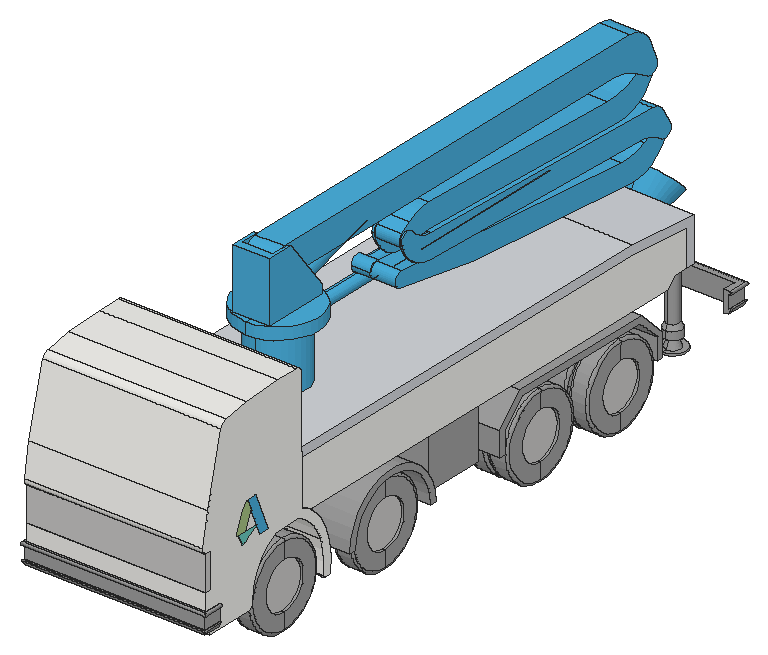
Revit family "CONCRETE BOOM PUMP TRUCK-5-2 2020", category Entourage, Revit 2020
Family settings
  Work Plane-Based = Yes
  Always vertical = No
  Cut with Voids When Loaded = No
  Render Appearance Source = Family Geometry
  Shared = No
  Room Calculation Point = No
Parameters (values of type "Typ1")
  Default Elevation = 0 mm  # constant formula
  URL = "www.autodesk.de/BIM"
  Type Comments = "Baustellenfahrzeug"
  Reichweite anzeigen [instance] = yes
  Reichweite [instance] = 10000 mm
  Height = 0 mm
  Fahrzeugverglasung = Glas - Sicherheitsverglasung
  Reifen = Kunststoff - grau 50-50-50
  Betonpumpe geöffnet [instance] = not(Betonpumpe geschlossen)  # no
  Betonpumpe geschlossen [instance] = yes
  Betonpumpe = Autodesk Sky Blue 6-150-215
  Radkappe = Metall - Edelstahl satiniert
  Stoßstange = Lack - grau
  Karosserie = Lack - grau
  Aufbau = Lack - weiß 241-240-234
Reference planes
  plane 1 "Mitte (Vorne/hinten)": y = 0
  plane 2: z = 0
  plane 3 "Mitte (links/rechts)": x = 0
  plane 4: y = 4462.06
  plane 5: y = -4557.94
  plane 6: z = 3846.735
  plane 7: x = -1247.337
  plane 8: x = 1247.337
  plane 9 "1": x = -924.044
  plane 10 "2": x = 923
  plane 11 "Rohr 1": x = -500
  plane 12 "Anschluss": through (0, 4836.174, 1106.112) normal (0, 0.7071, 0.7071)
  plane 13 "Anschluss 2": z = 2218.346
Forms (mm)
  Extrusion 1, solid, material "Lack - weiß 241-240-234" <- "Aufbau"
    sketch origin (0, 10.449, 0) x (0, 1, 0) y (0, 0, 1)
      loop
        line (-4256.231, 2957.347) -> (-4489.565, 2067.428) -> (-4564.949, 1645.933)
        arc (-4564.949, 1645.933) -> (-4555.769, 1593.497) -> (-4514.949, 1559.33) r 77.561
        line (-4514.949, 1559.33) -> (-4442.422, 1559.33) -> (-4442.422, 1099.33) -> (-4522.422, 1099.33) -> (-4522.422, 594.819) -> (-4442.422, 594.819) -> (-4442.422, 550.622) -> (-3786.827, 550.622)
        arc (-3786.827, 550.622) -> (-3752.688, 587.061) -> (-3740.086, 635.377) r 101.369
        arc (-3740.086, 635.377) -> (-3629.223, 1022.488) -> (-3343.099, 1305.824) r 796.084
        arc (-3343.099, 1305.824) -> (-3148.06, 1316.763) -> (-2952.894, 1308.393) r 1976.143
        arc (-2952.894, 1308.393) -> (-2728.262, 1140.348) -> (-2586.003, 898.561) r 711.834
        arc (-2586.003, 898.561) -> (-2534.054, 667.996) -> (-2534.556, 431.651) r 1058.575
        arc (-2534.556, 431.651) -> (-2525.524, 409.845) -> (-2503.718, 400.813) r 30.838
        line (-2503.718, 400.813) -> (-2423.319, 400.813)
        arc (-2423.319, 400.813) -> (-2423.743, 716.28) -> (-2509.577, 1019.847) r 1154.05
        arc (-2509.577, 1019.847) -> (-2664.867, 1246.96) -> (-2892.452, 1401.558) r 739.232
        line (-2892.452, 1401.558) -> (-2916.361, 2773.014) -> (-2916.361, 3073.014)
        arc (-2916.361, 3073.014) -> (-2942.627, 3111.649) -> (-2986.905, 3126.548) r 73.246
        line (-2986.905, 3126.548) -> (-3306.905, 3126.548) -> (-3825.639, 3090.275) -> (-4160.473, 3031.235)
        arc (-4160.473, 3031.235) -> (-4220.948, 3010.615) -> (-4256.231, 2957.347) r 98.995
    from -1200 to 1200
  Extrusion 2, solid, material "Lack - grau" <- "Karosserie"
    sketch origin (-2878.981, 0, 0) x (1, 0, 0) y (0, 1, 0)
      loop
        line (2497.481, -2346.335) -> (3260.481, -2346.335) -> (3260.481, 3372.473) -> (2497.481, 3372.473) -> (2497.481, -2346.335)
    from 813.409 to 1261.486
  Extrusion 3, solid, material "Lack - weiß 241-240-234" <- "Aufbau"
    sketch origin (0, 0, 0) x (0, 1, 0) y (0, 0, 1)
      loop
        line (-2850.913, 1381.817) -> (-2850.913, 1261.486) -> (3372.473, 1261.486) -> (3372.473, 1381.817) -> (-2850.913, 1381.817)
    from -1124.044 to 1123
  Extrusion 4, solid, material "Lack - grau" <- "Karosserie"
    sketch origin (0, 0, 0) x (0, 1, 0) y (0, 0, 1)
      loop
        arc (-2066.288, 541.486) -> (-1426.288, 1181.486) -> (-786.288, 541.486) r 640
        line (-786.288, 541.486) -> (-706.288, 541.486)
        arc (-706.288, 541.486) -> (-1426.288, 1261.486) -> (-2146.288, 541.486) r 720
        line (-2146.288, 541.486) -> (-2066.288, 541.486)
    from 692 to 1253
  Extrusion 5, solid, material "Lack - grau" <- "Karosserie"
    sketch origin (0, 0, 0) x (0, 1, 0) y (0, 0, -1)
      loop
        line (-2066.288, -541.486) -> (-2146.288, -541.486)
        arc (-2146.288, -541.486) -> (-1426.288, -1261.486) -> (-706.288, -541.486) r 720
        line (-706.288, -541.486) -> (-786.288, -541.486)
        arc (-786.288, -541.486) -> (-1426.288, -1181.486) -> (-2066.288, -541.486) r 640
    from 692 to 1253
  Extrusion 6, solid, material "Lack - grau" <- "Karosserie"
    sketch origin (0, 0, 0) x (0, 1, 0) y (0, 0, 1)
      loop
        line (460, 600) -> (460, 886.863) -> (754.623, 1181.486) -> (2737.28, 1181.486) -> (3031.903, 886.863) -> (3031.903, 600) -> (3111.903, 600) -> (3111.903, 920) -> (2770.417, 1261.486) -> (721.486, 1261.486) -> (380, 920) -> (380, 600) -> (460, 600)
    from 692 to 1253
  Extrusion 7, solid, material "Lack - grau" <- "Karosserie"
    sketch origin (0, 0, 0) x (0, 1, 0) y (0, 0, -1)
      loop
        line (460, -600) -> (380, -600) -> (380, -920) -> (721.486, -1261.486) -> (2770.417, -1261.486) -> (3111.903, -920) -> (3111.903, -600) -> (3031.903, -600) -> (3031.903, -886.863) -> (2737.28, -1181.486) -> (754.623, -1181.486) -> (460, -886.863) -> (460, -600)
    from 692 to 1253
  Extrusion 8, solid, material "Lack - grau" <- "Karosserie"
    sketch origin (0, 0, 0) x (0, 1, 0) y (0, 0, 1)
      loop
        line (-657.664, 1261.486) -> (-657.664, 600) -> (164.276, 600) -> (164.276, 1261.486) -> (-657.664, 1261.486)
    from 381.5 to 1123
  Extrusion 9, solid, material "Lack - grau" <- "Karosserie"
    sketch origin (0, 0, 0) x (0, 1, 0) y (0, 0, -1)
      loop
        line (-657.664, -1261.486) -> (164.276, -1261.486) -> (164.276, -600) -> (-657.664, -600) -> (-657.664, -1261.486)
    from 381.5 to 1123
  Sweep 10, solid, material "Lack - grau" <- "Stoßstange"
    path origin (0, 0, 0) x (1, 0, 0) y (0, 1, 0)
      loop
        line (-1143.337, -4290.717) -> (-1143.337, -4465.717) -> (1143, -4465.717) -> (1143, -4290.717)
    profile origin (-1143.337, -4378.217, 0) x (1, 0, 0) y (0, 0, 1)
      loop
        arc (-85, 874.819) -> (-104.309, 855.51) -> (-85, 836.201) r 19.309
        line (-85, 836.201) -> (-71.48, 836.201) -> (-71.48, 664.9) -> (-83.66, 662.088)
        arc (-83.66, 662.088) -> (-90.564, 656.609) -> (-90.673, 647.795) r 10.263
        line (-90.673, 647.795) -> (-66.281, 594.819) -> (0, 594.819) -> (0, 874.819) -> (-85, 874.819)
  Extrusion 11, solid, material "Metall - Edelstahl satiniert" <- "Radkappe"
    sketch origin (0, 0, 0) x (0, 1, 0) y (0, 0, 1)
      loop
        line (-4511.973, 1099.33) -> (-4431.973, 1099.33) -> (-4431.973, 1559.33) -> (-4511.973, 1559.33) -> (-4511.973, 1099.33)
    from -1200 to 1200
  Revolve 12, solid, material "Lack - grau" <- "Stoßstange"
    sketch origin (-924.044, 0, 0) x (0, 1, 0) y (0, 0, 1)
      loop
        line (3703.264, 351.48) -> (3703.264, 505.449) -> (3677.466, 505.449) -> (3677.466, 465.449) -> (3637.466, 465.449) -> (3603.264, 371.48) -> (3523.264, 371.48) -> (3523.264, 351.48) -> (3703.264, 351.48)
      axis (3703.264, 505.449) -> (3703.264, 351.48)
    angle from 0 to 360
  Revolve 13, solid, material "Lack - grau" <- "Stoßstange"
    sketch origin (-924.044, 0, 0) x (0, 1, 0) y (0, 0, 1)
      loop
        line (3703.264, 505.449) -> (3703.264, 1381.817) -> (3623.264, 1381.817) -> (3623.264, 674.731) -> (3583.264, 605.449) -> (3583.264, 505.449) -> (3703.264, 505.449)
      axis (3703.264, 1381.817) -> (3703.264, 505.449)
    angle from 0 to 360
  Revolve 14, solid, material "Lack - grau" <- "Stoßstange"
    sketch origin (923, 0, 0) x (0, -1, 0) y (0, 0, 1)
      loop
        line (-3703.264, 351.48) -> (-3523.264, 351.48) -> (-3523.264, 371.48) -> (-3603.264, 371.48) -> (-3637.466, 465.449) -> (-3677.466, 465.449) -> (-3677.466, 505.449) -> (-3703.264, 505.449) -> (-3703.264, 351.48)
      axis (-3703.264, 505.449) -> (-3703.264, 351.48)
    angle from 0 to 360
  Revolve 15, solid, material "Lack - grau" <- "Stoßstange"
    sketch origin (923, 0, 0) x (0, -1, 0) y (0, 0, 1)
      loop
        line (-3703.264, 505.449) -> (-3583.264, 505.449) -> (-3583.264, 605.449) -> (-3623.264, 674.731) -> (-3623.264, 1381.817) -> (-3703.264, 1381.817) -> (-3703.264, 505.449)
      axis (-3703.264, 1381.817) -> (-3703.264, 505.449)
    angle from 0 to 360
  Revolve 16, solid, material "Autodesk Sky Blue 6-150-215" <- "Betonpumpe"
    sketch origin (0, 0, 0) x (0, 1, 0) y (0, 0, 1)
      loop
        line (-1785.913, 2065.915) -> (-1785.913, 2825.915) -> (-2165.913, 2825.915) -> (-2165.913, 2065.915) -> (-1785.913, 2065.915)
      axis (-1785.913, 2065.915) -> (-1785.913, 2825.915)
    angle from 0 to 360
  Revolve 17, solid, material "Autodesk Sky Blue 6-150-215" <- "Betonpumpe"
    sketch origin (0, 0, 0) x (0, 1, 0) y (0, 0, 1)
      loop
        line (-1785.913, 2825.915) -> (-1785.913, 2985.915) -> (-2325.913, 2985.915) -> (-2325.913, 2825.915) -> (-1785.913, 2825.915)
      axis (-1785.913, 2985.915) -> (-1785.913, 2825.915)
    angle from 0 to 360
  Extrusion 18, solid, material "Autodesk Sky Blue 6-150-215" <- "Betonpumpe"
    sketch origin (0, 0, 0) x (0, 1, 0) y (0, 0, 1)
      loop
        line (-1365.913, 3105.915) -> (-1883.473, 3792.741) -> (-2243.473, 3792.741) -> (-2243.473, 2985.915) -> (-1365.913, 2985.915) -> (-1365.913, 3105.915)
    from -250 to 250
  Extrusion 19, void
    sketch origin (0, 0, 0) x (0, 1, 0) y (0, 0, 1)
      loop
        line (-2125.913, 3792.741) -> (-2125.913, 2985.915) -> (-1365.913, 2985.915) -> (-1365.913, 3792.741) -> (-2125.913, 3792.741)
    from -200 to 200
  Extrusion 20, solid, material "Autodesk Sky Blue 6-150-215" <- "Betonpumpe", visible <- "Betonpumpe geschlossen"
    sketch origin (0, 0, 0) x (0, 1, 0) y (0, 0, 1)
      loop
        arc (-1925.276, 3792.741) -> (-2125.913, 3592.105) -> (-1925.276, 3391.468) r 200.637
        line (-1925.276, 3391.468) -> (3613.622, 3391.468)
        arc (3613.622, 3391.468) -> (3778.873, 3370.446) -> (3933.596, 3308.717) r 660
        line (3933.596, 3308.717) -> (4191.904, 3165.535)
        arc (4191.904, 3165.535) -> (4305.329, 3176.956) -> (4334.354, 3287.199) r 100
        line (4334.354, 3287.199) -> (4241.356, 3542.709)
        arc (4241.356, 3542.709) -> (4102.232, 3724.019) -> (3884.273, 3792.741) r 380
        line (3884.273, 3792.741) -> (-1925.276, 3792.741)
    from -200 to 200
  Revolve 21, solid, material "Autodesk Sky Blue 6-150-215" <- "Betonpumpe", visible <- "Betonpumpe geschlossen"
    sketch origin (0, 0, 0) x (0, 1, 0) y (0, 0, 1)
      loop
        line (-205.551, 3537.049) -> (-238.628, 3652.4) -> (-1776.647, 3211.381) -> (-1743.57, 3096.029) -> (-205.551, 3537.049)
      axis (-205.551, 3537.049) -> (-1743.57, 3096.029)
    angle from 0 to 360
  Extrusion 22, void
    sketch origin (0, 0, 0) x (0, 1, 0) y (0, 0, 1)
      loop
        line (4334.354, 3287.199) -> (4241.356, 3542.709) -> (3933.596, 3308.717) -> (4191.904, 3165.535)
        arc (4191.904, 3165.535) -> (4305.329, 3176.956) -> (4334.354, 3287.199) r 100
    from -170 to 170
  Extrusion 23, solid, material "Autodesk Sky Blue 6-150-215" <- "Betonpumpe", visible <- "Betonpumpe geschlossen"
    sketch origin (0, 0, 0) x (0, 1, 0) y (0, 0, 1)
      loop
        arc (543.248, 3227.089) -> (375.558, 3206.499) -> (222.438, 3135.098) r 540
        line (222.438, 3135.098) -> (89.828, 3045.651)
        arc (89.828, 3045.651) -> (53.028, 2925.286) -> (163.112, 2864.266) r 100
        line (163.112, 2864.266) -> (329.295, 2893.569)
        arc (329.295, 2893.569) -> (429.031, 2905.815) -> (529.501, 2907.569) r 960
        line (529.501, 2907.569) -> (3728.391, 2795.861)
        arc (3728.391, 2795.861) -> (4103.71, 2907.419) -> (4335.723, 3222.822) r 615.262
        arc (4335.723, 3222.822) -> (4299.209, 3333.865) -> (4182.318, 3334.411) r 100
        arc (4182.318, 3334.411) -> (3884.617, 3170.925) -> (3548.501, 3122.143) r 953.606
        line (3548.501, 3122.143) -> (543.248, 3227.089)
    from -170 to 170
  Extrusion 24, solid, material "Autodesk Sky Blue 6-150-215" <- "Betonpumpe", visible <- "Betonpumpe geschlossen"
    sketch origin (0, 0, 0) x (0, 1, 0) y (0, 0, 1)
      loop
        arc (529.501, 2872.569) -> (357.746, 2916.786) -> (220.522, 3029.144) r 411.757
        arc (220.522, 3029.144) -> (105.716, 3054.385) -> (46.223, 2953.005) r 100
        arc (46.223, 2953.005) -> (212.868, 2671.063) -> (518.34, 2552.958) r 499.486
        line (518.34, 2552.958) -> (4127.019, 2426.94)
        arc (4127.019, 2426.94) -> (4223.014, 2411.127) -> (4311.847, 2371.456) r 380
        line (4311.847, 2371.456) -> (4426.252, 2301.572)
        arc (4426.252, 2301.572) -> (4548.819, 2315.927) -> (4564.118, 2438.38) r 100
        line (4564.118, 2438.38) -> (4440.192, 2644.811)
        arc (4440.192, 2644.811) -> (4370.259, 2714.176) -> (4275.698, 2741.749) r 200
        line (4275.698, 2741.749) -> (529.501, 2872.569)
    from -200 to 200
  Extrusion 25, void
    sketch origin (0, 0, 0) x (0, 1, 0) y (0, 0, 1)
      loop
        arc (529.501, 2872.569) -> (357.746, 2916.786) -> (220.522, 3029.144) r 411.757
        arc (220.522, 3029.144) -> (105.716, 3054.385) -> (46.223, 2953.005) r 100
        arc (46.223, 2953.005) -> (212.868, 2671.063) -> (518.34, 2552.958) r 499.486
        line (518.34, 2552.958) -> (529.501, 2872.569)
    from -170 to 170
  Extrusion 26, solid, material "Autodesk Sky Blue 6-150-215" <- "Betonpumpe", visible <- "Betonpumpe geschlossen"
    sketch origin (0, 0, 0) x (0, 1, 0) y (0, 0, 1)
      loop
        line (3790.067, 2279.424) -> (84.222, 2603.643)
        arc (84.222, 2603.643) -> (-24.376, 2516.124) -> (58.775, 2404.146) r 100.636
        line (58.775, 2404.146) -> (1293.154, 2196.729) -> (3950.951, 1964.202)
        arc (3950.951, 1964.202) -> (4222.55, 2008.297) -> (4440.361, 2176.427) r 560
        line (4440.361, 2176.427) -> (4557.06, 2325.187)
        arc (4557.06, 2325.187) -> (4556.095, 2449.842) -> (4434.365, 2476.701) r 100
        line (4434.365, 2476.701) -> (4180.284, 2352.149)
        arc (4180.284, 2352.149) -> (3990.143, 2289.134) -> (3790.067, 2279.424) r 740
    from -170 to 170
  Extrusion 27, void
    sketch origin (0, 0, 0) x (0, 1, 0) y (0, 0, 1)
      loop
        line (4440.192, 2644.811) -> (4210.129, 2414.748)
        arc (4210.129, 2414.748) -> (4262.571, 2396.821) -> (4311.847, 2371.456) r 380
        line (4311.847, 2371.456) -> (4426.252, 2301.572)
        arc (4426.252, 2301.572) -> (4548.819, 2315.927) -> (4564.118, 2438.38) r 100
        line (4564.118, 2438.38) -> (4440.192, 2644.811)
    from -170 to 170
  Sweep 28, solid, material "Lack - grau" <- "Stoßstange"
    path origin (0, 0, 0) x (1, 0, 0) y (0, -1, 0)
      loop
        line (-1143.337, -4290.717) -> (-1143.337, -4465.717) -> (1143, -4465.717) -> (1143, -4290.717)
    profile origin (-1143.337, 4378.217, 0) x (-1, 0, 0) y (0, 0, 1)
      loop
        line (85, 874.819) -> (0, 874.819) -> (0, 594.819) -> (66.281, 594.819) -> (90.673, 647.795)
        arc (90.673, 647.795) -> (90.564, 656.609) -> (83.66, 662.088) r 10.263
        line (83.66, 662.088) -> (71.48, 664.9) -> (71.48, 836.201) -> (85, 836.201)
        arc (85, 836.201) -> (104.309, 855.51) -> (85, 874.819) r 19.309
  Extrusion 29, solid
    sketch origin (0, 0, 0) x (0, 1, 0) y (0, 0, 1)
      loop
        line (3813.23, 1381.817) -> (4290.717, 869.775) -> (4290.717, 594.819) -> (4465.717, 594.819) -> (4465.717, 874.819) -> (4505.717, 874.819) -> (4505.717, 1283.764) -> (3813.23, 1976.251) -> (2813.23, 2063.74) -> (2813.23, 1381.817) -> (3813.23, 1381.817)
    from -250 to 250
  Sweep 30, solid, material "Autodesk Sky Blue 6-150-215" <- "Betonpumpe"
    path origin (-500, 0, 0) x (0, 1, 0) y (0, 0, 1)
      loop
        line (-566.479, 2218.346) -> (3342.863, 2218.346)
        arc (3342.863, 2218.346) -> (3694.932, 2148.315) -> (3993.401, 1948.884) r 920
        line (3993.401, 1948.884) -> (4836.174, 1106.112)
    profile origin (-500, 1388.192, 2218.346) x (0, 0, 1) y (1, 0, 0)
      loop
        circle (0, 0) r 80
  Extrusion 31, solid, material "Autodesk Sky Blue 6-150-215" <- "Betonpumpe", visible <- "Betonpumpe geschlossen"
    sketch origin (-500, 0, 0) x (0, 1, 0) y (0, 0, 1)
      loop
        circle (75.451, 2503.39) r 100.636
    from 78.253 to 330
  Sweep 32, solid, material "Autodesk Sky Blue 6-150-215" <- "Betonpumpe"
    path origin (0, 2971.143, 2971.143) x (0, 0.707107, -0.707107) y (-1, 0, 0)
      loop
        line (2221.696, 0) -> (2821.696, 0)
        arc (2821.696, 0) -> (3071.696, 250) -> (2821.696, 500) r 250
        line (2821.696, 500) -> (2637.553, 500)
    profile origin (0, 4754.251, 1188.035) x (-1, 0, 0) y (0, 0.707107, 0.707107)
      loop
        circle (0, 0) r 80
  Sweep 33, solid, material "Autodesk Sky Blue 6-150-215" <- "Betonpumpe"
    path origin (0, 0, 2218.346) x (0, 1, 0) y (-1, 0, 0)
      loop
        line (-541.85, 500) -> (-820.558, 500)
        arc (-820.558, 500) -> (-1078.428, 459.439) -> (-1311.394, 341.674) r 840
        line (-1311.394, 341.674) -> (-1785.913, 0)
    profile origin (-500, -681.204, 2218.346) x (1, 0, 0) y (0, 0, 1)
      loop
        circle (0, 0) r 80
  Revolve 34, solid, material "Autodesk Sky Blue 6-150-215" <- "Betonpumpe"
    sketch origin (0, 0, 0) x (0, 1, 0) y (0, 0, 1)
      loop
        line (4465.717, 1323.764) -> (4810.114, 1484.359) -> (4772.489, 1521.984) -> (4640.276, 1460.332) -> (4458.159, 1642.45) -> (4302.595, 1486.886) -> (4465.717, 1323.764)
      axis (4302.595, 1486.886) -> (4555.091, 1739.382)
    angle from 0 to 360
  Sweep 35, solid, material "Autodesk Sky Blue 6-150-215" <- "Betonpumpe", visible <- "Betonpumpe geschlossen"
    path origin (-500, 0, 0) x (0, 1, 0) y (0, 0, 1)
      loop
        line (75.451, 2503.39) -> (4093.003, 2363.094)
    profile origin (-500, 2084.227, 2433.242) x (0, 0.034899, 0.999391) y (1, 0, 0)
      loop
        circle (0, 180) r 80
  Extrusion 36, solid, material "Lack - weiß 241-240-234" <- "Aufbau"
    sketch origin (0, 0, 0) x (0, 1, 0) y (0, 0, 1)
      loop
        line (3693.23, 1866.291) -> (2783.131, 1945.915) -> (-2891.493, 1945.915) -> (-2881.659, 1381.817) -> (3372.473, 1381.817) -> (3372.473, 1261.486) -> (3492.803, 1381.817) -> (3693.23, 1381.817) -> (3693.23, 1866.291)
    from -1124.044 to 1123
  Extrusion 37, solid, material "Autodesk Sky Blue 6-150-215" <- "Betonpumpe", visible <- "Betonpumpe geöffnet"
    sketch origin (0, 1832.05, 5067.795) x (0, 0.121869, 0.992546) y (0, -0.992546, 0.121869)
      loop
        arc (-1925.276, 3792.741) -> (-2125.913, 3592.105) -> (-1925.276, 3391.468) r 200.637
        line (-1925.276, 3391.468) -> (3613.622, 3391.468)
        arc (3613.622, 3391.468) -> (3778.873, 3370.446) -> (3933.596, 3308.717) r 660
        line (3933.596, 3308.717) -> (4191.904, 3165.535)
        arc (4191.904, 3165.535) -> (4305.329, 3176.956) -> (4334.354, 3287.199) r 100
        line (4334.354, 3287.199) -> (4241.356, 3542.709)
        arc (4241.356, 3542.709) -> (4102.232, 3724.019) -> (3884.273, 3792.741) r 380
        line (3884.273, 3792.741) -> (-1925.276, 3792.741)
    from -200 to 200
  Extrusion 38, void
    sketch origin (0, 1832.05, 5067.795) x (0, 0.121869, 0.992546) y (0, -0.992546, 0.121869)
      loop
        line (4334.354, 3287.199) -> (4241.356, 3542.709) -> (3933.596, 3308.717) -> (4191.904, 3165.535)
        arc (4191.904, 3165.535) -> (4305.329, 3176.956) -> (4334.354, 3287.199) r 100
    from -170 to 170
  Extrusion 39, solid, material "Autodesk Sky Blue 6-150-215" <- "Betonpumpe", visible <- "Betonpumpe geöffnet"
    sketch origin (0, -2307.577, 14823.223) x (0, -0.374607, -0.927184) y (0, 0.927184, -0.374607)
      loop
        arc (543.248, 3227.089) -> (375.558, 3206.499) -> (222.438, 3135.098) r 540
        line (222.438, 3135.098) -> (89.828, 3045.651)
        arc (89.828, 3045.651) -> (53.028, 2925.286) -> (163.112, 2864.266) r 100
        line (163.112, 2864.266) -> (329.295, 2893.569)
        arc (329.295, 2893.569) -> (429.031, 2905.815) -> (529.501, 2907.569) r 960
        line (529.501, 2907.569) -> (3728.391, 2795.861)
        arc (3728.391, 2795.861) -> (4103.71, 2907.419) -> (4335.723, 3222.822) r 615.262
        arc (4335.723, 3222.822) -> (4299.209, 3333.865) -> (4182.318, 3334.411) r 100
        arc (4182.318, 3334.411) -> (3884.617, 3170.925) -> (3548.501, 3122.143) r 953.606
        line (3548.501, 3122.143) -> (543.248, 3227.089)
    from -170 to 170
  Extrusion 40, solid, material "Autodesk Sky Blue 6-150-215" <- "Betonpumpe", visible <- "Betonpumpe geöffnet"
    sketch origin (0, 2983.844, 12148.445) x (0, 0.438371, 0.898794) y (0, -0.898794, 0.438371)
      loop
        arc (529.501, 2872.569) -> (357.746, 2916.786) -> (220.522, 3029.144) r 411.757
        arc (220.522, 3029.144) -> (105.716, 3054.385) -> (46.223, 2953.005) r 100
        arc (46.223, 2953.005) -> (212.868, 2671.063) -> (518.34, 2552.958) r 499.486
        line (518.34, 2552.958) -> (4127.019, 2426.94)
        arc (4127.019, 2426.94) -> (4223.014, 2411.127) -> (4311.847, 2371.456) r 380
        line (4311.847, 2371.456) -> (4426.252, 2301.572)
        arc (4426.252, 2301.572) -> (4548.819, 2315.927) -> (4564.118, 2438.38) r 100
        line (4564.118, 2438.38) -> (4440.192, 2644.811)
        arc (4440.192, 2644.811) -> (4370.259, 2714.176) -> (4275.698, 2741.749) r 200
        line (4275.698, 2741.749) -> (529.501, 2872.569)
    from -200 to 200
  Extrusion 41, solid, material "Autodesk Sky Blue 6-150-215" <- "Betonpumpe", visible <- "Betonpumpe geöffnet"
    sketch origin (0, 4449.109, 22019.864) x (0, -0.731354, -0.681998) y (0, 0.681998, -0.731354)
      loop
        line (3790.067, 2279.424) -> (84.222, 2603.643)
        arc (84.222, 2603.643) -> (-24.376, 2516.124) -> (58.775, 2404.146) r 100.636
        line (58.775, 2404.146) -> (1293.154, 2196.729) -> (3950.951, 1964.202)
        arc (3950.951, 1964.202) -> (4222.55, 2008.297) -> (4440.361, 2176.427) r 560
        line (4440.361, 2176.427) -> (4557.06, 2325.187)
        arc (4557.06, 2325.187) -> (4556.095, 2449.842) -> (4434.365, 2476.701) r 100
        line (4434.365, 2476.701) -> (4180.284, 2352.149)
        arc (4180.284, 2352.149) -> (3990.143, 2289.134) -> (3790.067, 2279.424) r 740
    from -170 to 170
  Extrusion 42, void
    sketch origin (0, 2983.844, 12148.445) x (0, 0.438371, 0.898794) y (0, -0.898794, 0.438371)
      loop
        line (4440.192, 2644.811) -> (4210.129, 2414.748)
        arc (4210.129, 2414.748) -> (4262.571, 2396.821) -> (4311.847, 2371.456) r 380
        line (4311.847, 2371.456) -> (4426.252, 2301.572)
        arc (4426.252, 2301.572) -> (4548.819, 2315.927) -> (4564.118, 2438.38) r 100
        line (4564.118, 2438.38) -> (4440.192, 2644.811)
    from -170 to 170
  Extrusion 43, solid, material "Autodesk Sky Blue 6-150-215" <- "Betonpumpe", visible <- "Betonpumpe geöffnet"
    sketch origin (-500, 4007.301, 18763.463) x (0, 0.573576, -0.819152) y (0, 0.819152, 0.573576)
      loop
        circle (75.451, 2503.39) r 100.636
    from 78.253 to 330
  Extrusion 44, void
    sketch origin (-500, 1603.16, 1630.625) x (0, 0.838671, 0.544639) y (0, -0.544639, 0.838671)
      loop
        arc (5690.747, 10753.438) -> (5601.604, 10756.695) -> (5515.254, 10779.073) r 411.757
        arc (5515.254, 10779.073) -> (5403.846, 10741.579) -> (5405.065, 10624.038) r 100
        arc (5405.065, 10624.038) -> (5572.257, 10504.056) -> (5773.632, 10461.663) r 499.486
        line (5773.632, 10461.663) -> (5690.747, 10753.438)
    from 330 to 670
  Sweep 45, solid, material "Autodesk Sky Blue 6-150-215" <- "Betonpumpe", visible <- "Betonpumpe geöffnet"
    path origin (0, 1603.16, 1630.625) x (0, 0.838671, 0.544639) y (0, -0.544639, 0.838671)
      loop
        line (-1610.648, 2985.915) -> (0, 5891.601)
    profile origin (0, -1489.762, 4914.67) x (0, -0.997564, -0.069756) y (1, 0, 0)
      loop
        circle (0, 0) r 80
  Extrusion 46, void
    sketch origin (0, 0, 2218.346) x (0, 1, 0) y (-1, 0, 0)
      loop
        line (3813.23, -270) -> (3813.23, 270) -> (2788.37, 270) -> (2788.37, -270) -> (3813.23, -270)
    from -836.529 to -152.431
  Extrusion 47, solid
    sketch origin (-500, 0, 0) x (0, 1, 0) y (0, 0, 1)
      loop
        line (-2891.493, 1945.915) -> (2783.131, 1945.915) -> (3693.23, 1866.291) -> (3693.23, 1381.817) -> (3813.23, 1381.817) -> (3813.23, 1976.251) -> (2788.37, 2065.915) -> (-2893.585, 2065.915) -> (-2891.493, 1945.915)
    from -624.044 to 1623
  Extrusion 48, solid, material "Autodesk Sky Blue 6-150-215" <- "Betonpumpe", visible <- "Betonpumpe geöffnet"
    sketch origin (0, 7739.529, 24894.199) x (0, -0.731354, -0.681998) y (0, 0.681998, -0.731354)
      loop
        line (3790.067, 2279.424) -> (84.222, 2603.643)
        arc (84.222, 2603.643) -> (-24.376, 2516.124) -> (58.775, 2404.146) r 100.636
        line (58.775, 2404.146) -> (1293.154, 2196.729) -> (3950.951, 1964.202)
        arc (3950.951, 1964.202) -> (4222.55, 2008.297) -> (4440.361, 2176.427) r 560
        line (4440.361, 2176.427) -> (4557.06, 2325.187)
        arc (4557.06, 2325.187) -> (4556.095, 2449.842) -> (4434.365, 2476.701) r 100
        line (4434.365, 2476.701) -> (4180.284, 2352.149)
        arc (4180.284, 2352.149) -> (3990.143, 2289.134) -> (3790.067, 2279.424) r 740
    from -170 to 170
  Extrusion 49, solid, material "Autodesk Sky Blue 6-150-215" <- "Betonpumpe", visible <- "Betonpumpe geöffnet"
    sketch origin (-500, 7297.721, 21637.798) x (0, 0.573576, -0.819152) y (0, 0.819152, 0.573576)
      loop
        circle (75.451, 2503.39) r 100.636
    from 78.253 to 330
  Sweep 50, solid, material "Autodesk Sky Blue 6-150-215" <- "Betonpumpe", visible <- "Betonpumpe geöffnet"
    path origin (-500, 11410.012, 22941.6) x (0, 0.457136, -0.889397) y (0, 0.889397, 0.457136)
      loop
        line (75.451, 2503.39) -> (7235.283, -835.294)
    profile origin (-500, 13822.811, 20071.801) x (0, 0.999261, 0.03843) y (1, 0, 0)
      loop
        circle (0, 180) r 80
  Extrusion 51, solid, material "Autodesk Sky Blue 6-150-215" <- "Betonpumpe", visible <- "Betonpumpe geöffnet"
    sketch origin (0, 13147.518, 26441.523) x (0, -0.970296, -0.241922) y (0, 0.241922, -0.970296)
      loop
        line (3790.067, 2279.424) -> (84.222, 2603.643)
        arc (84.222, 2603.643) -> (-24.376, 2516.124) -> (58.775, 2404.146) r 100.636
        line (58.775, 2404.146) -> (1293.154, 2196.729) -> (3950.951, 1964.202)
        arc (3950.951, 1964.202) -> (4222.55, 2008.297) -> (4440.361, 2176.427) r 560
        line (4440.361, 2176.427) -> (4557.06, 2325.187)
        arc (4557.06, 2325.187) -> (4556.095, 2449.842) -> (4434.365, 2476.701) r 100
        line (4434.365, 2476.701) -> (4180.284, 2352.149)
        arc (4180.284, 2352.149) -> (3990.143, 2289.134) -> (3790.067, 2279.424) r 740
    from -170 to 170
Cuts and joins
  Extrusion 46 cuts Extrusion 36
  joined: Extrusion 1, Extrusion 3, Extrusion 36
  Extrusion 19 cuts Revolve 17
  Extrusion 19 cuts Extrusion 18
  Extrusion 22, Extrusion 38 cuts Extrusion 20
  Extrusion 22, Extrusion 38 cuts Revolve 21
  joined: Extrusion 20, Revolve 21
  Extrusion 25, Extrusion 27, Extrusion 42 cuts Extrusion 24
  joined: Revolve 16, Sweep 30, Sweep 32, Sweep 33, Revolve 34
  Extrusion 38 cuts Extrusion 23
  Extrusion 38 cuts Extrusion 37
  joined: Extrusion 37, Sweep 45
  Extrusion 42, Extrusion 44 cuts Extrusion 40
  joined: Extrusion 29, Extrusion 47
Lines and regions (mm)
  Split face 1
    outline origin (1200, 10.449, 0) x (0, 1, 0) y (0, 0, 1)
      loop
        line (-4301.165, 734.819) -> (-3800.47, 734.819) -> (-3800.47, 954.819) -> (-3699.283, 1099.33) -> (-3699.283, 1221.744) -> (-4301.165, 1221.744) -> (-4301.165, 734.819)
  Split face 2
    outline origin (1200, 10.449, 0) x (0, 1, 0) y (0, 0, 1)
      loop
        line (-3437.468, 1241.744) -> (-4301.165, 1241.744) -> (-4301.165, 2001.744) -> (-4032.183, 2881.544) -> (-3161.165, 2881.544) -> (-3161.165, 1316.634)
  Split face 3
    outline origin (1200, 10.449, 0) x (0, 1, 0) y (0, 0, 1)
      loop
        line (-3968.322, 2825.915) -> (-4200.677, 2065.915) -> (-3300.677, 2065.915) -> (-3300.677, 2825.915) -> (-3968.322, 2825.915)
  Split face 4
    outline origin (0, -4245.783, 2957.347) x (0, -0.253624, -0.967303) y (1, 0, 0)
      loop
        line (100, -1100) -> (820, -1100) -> (820, 1100) -> (100, 1100) -> (100, -1100)
  Split face 5
    outline origin (-1200, 10.449, 0) x (0, 1, 0) y (0, 0, 1)
      loop
        line (-3437.468, 1241.744) -> (-4301.165, 1241.744) -> (-4301.165, 2001.744) -> (-4032.183, 2881.544) -> (-3161.165, 2881.544) -> (-3161.165, 1316.634)
  Split face 6
    outline origin (-1200, 10.449, 0) x (0, 1, 0) y (0, 0, 1)
      loop
        line (-3968.322, 2825.915) -> (-4200.677, 2065.915) -> (-3300.677, 2065.915) -> (-3300.677, 2825.915) -> (-3968.322, 2825.915)
  Split face 7
    outline origin (-1200, 10.449, 0) x (0, 1, 0) y (0, 0, 1)
      loop
        line (-4301.165, 1221.744) -> (-4301.165, 734.819) -> (-3800.47, 734.819) -> (-3800.47, 954.819) -> (-3699.283, 1099.33) -> (-3699.283, 1221.744) -> (-4301.165, 1221.744)
  model lines
    curve 1: line (0, 4836.174, 1106.112) -> (0, 4086.641, 1855.645)
    curve 2: line (0, 4086.641, 1855.645) -> (0, 3266.641, 1855.645)
  symbolic lines, style "Betonpumpe Reichweite", visible <- "Reichweite anzeigen"
    curve 3: circle (0, -1785.913, 2218.346) r 10000 normal (0, 0, 1)
Dimensions and locks
  plane 4 to plane 5 = 9020 mm  (x2)
  plane 6 to plane 2 = 3846.735 mm  (x2)
  plane 7 to plane 8 = 2494.675 mm  (x2)
  equal spacing: plane 7, plane 3 "Mitte (links/rechts)", plane 8
  plane 4 to plane 1 "Mitte (Vorne/hinten)" to plane 5 = 4462.06 mm, 4557.94 mm
  "Reichweite": radius of curve 3
Automatic sketch dimensions
  plane 5 to Extrusion 1 sketch curve = 3.44 mm
  plane 5 to Extrusion 1 sketch curve = 45.967 mm
  plane 5 to Extrusion 1 sketch curve = 53.44 mm
  plane 5 to Extrusion 1 sketch curve = 78.823 mm
  Extrusion 1 sketch curve to Extrusion 1 sketch curve = 76.349 mm
  Extrusion 1 sketch curve to Extrusion 1 sketch curve = 80 mm  (x2)
  plane 5 to Extrusion 1 sketch curve = 312.157 mm
  Extrusion 1 sketch curve to Extrusion 1 sketch curve = 95.758 mm
  Extrusion 1 sketch curve to Extrusion 1 sketch curve = 600.968 mm
  Extrusion 1 sketch curve to Extrusion 1 sketch curve = 334.835 mm
  Extrusion 1 sketch curve to Extrusion 1 sketch curve = 54.627 mm
  Extrusion 1 sketch curve to Extrusion 1 sketch curve = 220.076 mm
  Extrusion 1 sketch curve to Extrusion 1 sketch curve = 19.51 mm
  Extrusion 1 sketch curve to plane 6 = 720.187 mm
  Extrusion 1 sketch curve to Extrusion 1 sketch curve = 518.733 mm
  Extrusion 1 sketch curve to Extrusion 1 sketch curve = 327.639 mm
  Extrusion 1 sketch curve to Extrusion 1 sketch curve = 71.836 mm
  Extrusion 1 sketch curve to level = 659.337 mm
  Extrusion 1 sketch curve to Extrusion 1 sketch curve = 431.7 mm
  Extrusion 1 sketch curve to Extrusion 1 sketch curve = 320 mm
  Extrusion 1 sketch curve to Extrusion 1 sketch curve = 242.569 mm
  Extrusion 1 sketch curve to Extrusion 1 sketch curve = 70.544 mm
  level to Extrusion 1 sketch curve = 1401.558 mm
  Extrusion 1 sketch curve to Extrusion 1 sketch curve = 294.334 mm
  Extrusion 1 sketch curve to Extrusion 1 sketch curve = 440.499 mm
  Extrusion 1 sketch curve to Extrusion 1 sketch curve = 80.398 mm
  level to Extrusion 1 sketch curve = 400.813 mm
  Extrusion 1 sketch curve to Extrusion 1 sketch curve = 30.838 mm
  level to Extrusion 1 sketch curve = 550.622 mm
  Extrusion 1 sketch curve to Extrusion 1 sketch curve = 6.39 mm
  Extrusion 1 sketch curve to Extrusion 1 sketch curve = 4.954 mm
  Extrusion 1 sketch curve to Extrusion 1 sketch curve = 44.197 mm
  Extrusion 1 sketch curve to Extrusion 1 sketch curve = 185.23 mm
  Extrusion 1 sketch curve to Extrusion 1 sketch curve = 85.391 mm
  Extrusion 1 sketch curve to Extrusion 1 sketch curve = 48.676 mm
  Extrusion 1 sketch curve to Extrusion 1 sketch curve = 57.892 mm
  Extrusion 1 sketch curve to Extrusion 1 sketch curve = 504.511 mm
  Extrusion 1 sketch curve to Extrusion 1 sketch curve = 460 mm
  Extrusion 1 sketch curve to Extrusion 1 sketch curve = 72.948 mm
  Extrusion 1 sketch curve to Extrusion 1 sketch curve = 421.496 mm
  Extrusion 1 sketch curve to Extrusion 1 sketch curve = 353.534 mm
  Extrusion 1 sketch curve to Extrusion 1 sketch curve = 194.309 mm
  Extrusion 1 sketch curve to Extrusion 1 sketch curve = 25.107 mm
  Extrusion 1 sketch curve to Extrusion 1 sketch curve = 73.246 mm
  Extrusion 1 sketch curve to Extrusion 1 sketch curve = 59.04 mm
  Extrusion 1 sketch curve to Extrusion 1 sketch curve = 0 mm
  Extrusion 1 sketch curve to Extrusion 1 sketch curve = 450.647 mm
  Extrusion 1 sketch curve to Extrusion 1 sketch curve = 60.442 mm
  Extrusion 2 sketch curve to plane 3 "Mitte (links/rechts)" = 381.5 mm
  plane 3 "Mitte (links/rechts)" to Extrusion 2 sketch curve = 381.5 mm
  plane 5 to Extrusion 2 sketch curve = 2211.605 mm
  Extrusion 2 sketch curve to plane 4 = 1089.587 mm
  plane 5 to Extrusion 3 sketch curve = 1707.027 mm
  Extrusion 3 sketch curve to plane 4 = 1089.587 mm
  level to Extrusion 3 sketch curve = 1261.486 mm
  Extrusion 3 sketch curve to Extrusion 3 sketch curve = 120.33 mm
  Extrusion 4 sketch curve to Extrusion 4 sketch curve = 0 mm  (x2)
  level to Extrusion 4 sketch curve = 541.486 mm
  plane 1 "Mitte (Vorne/hinten)" to Extrusion 4 sketch curve = 2146.288 mm
  Extrusion 4 sketch curve to Extrusion 4 sketch curve = 80 mm
  Extrusion 4 sketch curve to Extrusion 4 sketch curve = 640 mm
  Extrusion 5 sketch curve to Extrusion 5 sketch curve = 0 mm  (x2)
  level to Extrusion 5 sketch curve = 541.486 mm
  plane 1 "Mitte (Vorne/hinten)" to Extrusion 5 sketch curve = 2146.288 mm
  Extrusion 5 sketch curve to Extrusion 5 sketch curve = 80 mm
  Extrusion 5 sketch curve to Extrusion 5 sketch curve = 640 mm
  Extrusion 6 sketch curve to plane 1 "Mitte (Vorne/hinten)" = 380 mm
  Extrusion 6 sketch curve to Extrusion 6 sketch curve = 80 mm  (x3)
  Extrusion 6 sketch curve to Extrusion 6 sketch curve = 261.486 mm
  Extrusion 6 sketch curve to Extrusion 6 sketch curve = 33.137 mm  (x4)
  Extrusion 6 sketch curve to plane 4 = 1724.78 mm
  Extrusion 6 sketch curve to Extrusion 6 sketch curve = 294.623 mm  (x2)
  level to Extrusion 6 sketch curve = 600 mm  (x2)
  Extrusion 6 sketch curve to Extrusion 6 sketch curve = 286.863 mm  (x2)
  Extrusion 7 sketch curve to plane 1 "Mitte (Vorne/hinten)" = 380 mm
  Extrusion 7 sketch curve to Extrusion 7 sketch curve = 80 mm  (x3)
  Extrusion 7 sketch curve to Extrusion 7 sketch curve = 261.486 mm  (x3)
  Extrusion 7 sketch curve to Extrusion 7 sketch curve = 33.137 mm  (x4)
  Extrusion 7 sketch curve to plane 4 = 1724.78 mm
  Extrusion 7 sketch curve to Extrusion 7 sketch curve = 294.623 mm
  level to Extrusion 7 sketch curve = 1261.486 mm
  Extrusion 7 sketch curve to Extrusion 7 sketch curve = 286.863 mm  (x2)
  plane 1 "Mitte (Vorne/hinten)" to Extrusion 8 sketch curve = 657.664 mm
  Extrusion 8 sketch curve to plane 1 "Mitte (Vorne/hinten)" = 164.276 mm
  level to Extrusion 8 sketch curve = 600 mm
  Extrusion 8 sketch curve to Extrusion 8 sketch curve = 661.486 mm
  plane 1 "Mitte (Vorne/hinten)" to Extrusion 9 sketch curve = 657.664 mm
  Extrusion 9 sketch curve to plane 1 "Mitte (Vorne/hinten)" = 164.276 mm
  level to Extrusion 9 sketch curve = 1261.486 mm
  level to Extrusion 9 sketch curve = 600 mm
  Sweep 10 sketch curve to plane 7 = 104 mm
  plane 8 to Sweep 10 sketch curve = 104.337 mm
  plane 5 to Sweep 10 sketch curve = 92.223 mm
  Sweep 10 sketch curve to Sweep 10 sketch curve = 175 mm  (x2)
  profile plane to Sweep 10 sketch curve = 0 mm
  profile plane to Sweep 10 sketch curve = 66.281 mm
  Sweep 10 sketch curve to Sweep 10 sketch curve = 5.199 mm
  Sweep 10 sketch curve to Sweep 10 sketch curve = 9.871 mm
  Sweep 10 sketch curve to Sweep 10 sketch curve = 2.309 mm
  Sweep 10 sketch curve to Sweep 10 sketch curve = 13.52 mm
  Sweep 10 sketch curve to Sweep 10 sketch curve = 9.322 mm
  level to Sweep 10 sketch curve = 594.819 mm
  Sweep 10 sketch curve to Sweep 10 sketch curve = 52.976 mm
  Sweep 10 sketch curve to Sweep 10 sketch curve = 4.292 mm
  Sweep 10 sketch curve to Sweep 10 sketch curve = 2.812 mm
  Sweep 10 sketch curve to Sweep 10 sketch curve = 171.301 mm
  Sweep 10 sketch curve to Sweep 10 sketch curve = 19.309 mm
  plane 5 to Extrusion 11 sketch curve = 45.967 mm
  Extrusion 11 sketch curve to Extrusion 11 sketch curve = 80 mm
  level to Extrusion 11 sketch curve = 1099.33 mm
  Extrusion 11 sketch curve to Extrusion 11 sketch curve = 460 mm
  Extrusion 1 to Split face 1 sketch curve = 0 mm
  Split face 1 sketch curve to Extrusion 1 = 141.256 mm
  Split face 1 sketch curve to Extrusion 1 = 140 mm
  Split face 1 sketch curve to Split face 1 sketch curve = 500.695 mm
  Extrusion 1 to Split face 1 sketch curve = 122.414 mm
  Split face 1 sketch curve to Split face 1 sketch curve = 101.188 mm
  Split face 1 sketch curve to Extrusion 1 = 144.511 mm
  Split face 2 sketch curve to Extrusion 1 = 141.256 mm
  Split face 2 sketch curve to Extrusion 1 = 410.238 mm
  Split face 2 sketch curve to Extrusion 1 = 244.804 mm
  Extrusion 1 to Split face 2 sketch curve = 142.414 mm
  Split face 2 sketch curve to Extrusion 1 = 442.414 mm
  Split face 2 sketch curve to Extrusion 1 = 245.004 mm
  Split face 2 sketch curve to Split face 2 sketch curve = 276.303 mm
  Extrusion 1 to Split face 2 sketch curve = 217.304 mm
  Split face 3 sketch curve to Extrusion 1 = 241.744 mm
  Split face 3 sketch curve to Extrusion 1 = 474.1 mm
  Split face 3 sketch curve to Extrusion 1 = 384.316 mm
  Split face 3 sketch curve to Extrusion 1 = 506.585 mm
  Split face 3 sketch curve to Extrusion 1 = 300.634 mm
  Extrusion 1 to Split face 4 sketch curve = 100 mm
  Split face 4 sketch curve to Extrusion 1 = 100 mm  (x3)
  Split face 5 sketch curve to Extrusion 1 = 141.256 mm
  Split face 5 sketch curve to Extrusion 1 = 410.238 mm
  Split face 5 sketch curve to Extrusion 1 = 244.804 mm
  Extrusion 1 to Split face 5 sketch curve = 142.414 mm
  Split face 5 sketch curve to Extrusion 1 = 442.414 mm
  Split face 5 sketch curve to Extrusion 1 = 245.004 mm
  Split face 5 sketch curve to Split face 5 sketch curve = 276.303 mm
  Extrusion 1 to Split face 5 sketch curve = 217.304 mm
  Split face 6 sketch curve to Extrusion 1 = 241.744 mm
  Split face 6 sketch curve to Extrusion 1 = 474.1 mm
  Split face 6 sketch curve to Extrusion 1 = 384.316 mm
  Split face 6 sketch curve to Extrusion 1 = 506.585 mm
  Split face 6 sketch curve to Extrusion 1 = 300.634 mm
  Extrusion 1 to Split face 7 sketch curve = 0 mm
  Split face 7 sketch curve to Extrusion 1 = 141.256 mm
  Split face 7 sketch curve to Extrusion 1 = 144.511 mm
  Split face 7 sketch curve to Split face 7 sketch curve = 500.695 mm
  Split face 7 sketch curve to Split face 7 sketch curve = 101.188 mm
  Split face 7 sketch curve to Extrusion 1 = 140 mm
  Extrusion 1 to Split face 7 sketch curve = 122.414 mm
  level to Revolve 12 sketch curve = 371.48 mm
  Revolve 12 sketch curve to plane 4 = 938.796 mm
  Revolve 12 sketch curve to Revolve 12 sketch curve = 80 mm
  Revolve 12 sketch curve to Revolve 12 sketch curve = 34.202 mm
  Revolve 12 sketch curve to Revolve 12 sketch curve = 40 mm  (x2)
  Revolve 12 sketch curve to Revolve 12 sketch curve = 100 mm
  Revolve 12 sketch curve to Revolve 12 sketch curve = 20 mm
  Revolve 12 sketch curve to Revolve 12 sketch curve = 93.969 mm
  Revolve 12 sketch curve to level = 208.52 mm
  Revolve 12 sketch curve to Revolve 12 sketch curve = 0 mm
  Revolve 12 sketch curve to Revolve 12 sketch curve = 986.031 mm
  Revolve 13 sketch curve to plane 4 = 878.796 mm
  Revolve 13 sketch curve to Revolve 13 sketch curve = 40 mm
  Revolve 13 sketch curve to Revolve 13 sketch curve = 120 mm
  level to Revolve 13 sketch curve = 505.449 mm
  Revolve 13 sketch curve to Revolve 13 sketch curve = 100 mm
  Revolve 13 sketch curve to Revolve 13 sketch curve = 69.282 mm
  Revolve 13 sketch curve to Revolve 13 sketch curve = 707.086 mm
  Revolve 13 sketch curve to Revolve 13 sketch curve = 0 mm  (x2)
  Revolve 13 sketch curve to Revolve 13 sketch curve = 200 mm
  level to Revolve 14 sketch curve = 351.48 mm
  Revolve 14 sketch curve to plane 4 = 758.796 mm
  Revolve 14 sketch curve to Revolve 14 sketch curve = 25.798 mm
  Revolve 14 sketch curve to Revolve 14 sketch curve = 40 mm  (x2)
  level to Revolve 14 sketch curve = 371.48 mm
  Revolve 14 sketch curve to Revolve 14 sketch curve = 34.202 mm
  Revolve 14 sketch curve to Revolve 14 sketch curve = 80 mm
  Revolve 14 sketch curve to Revolve 14 sketch curve = 93.969 mm
  Revolve 14 sketch curve to level = 208.52 mm
  Revolve 14 sketch curve to Revolve 14 sketch curve = 0 mm
  Revolve 14 sketch curve to Revolve 14 sketch curve = 986.031 mm
  Revolve 15 sketch curve to plane 4 = 758.796 mm
  Revolve 15 sketch curve to Revolve 15 sketch curve = 80 mm
  Revolve 15 sketch curve to Revolve 15 sketch curve = 120 mm
  level to Revolve 15 sketch curve = 505.449 mm
  Revolve 15 sketch curve to Revolve 15 sketch curve = 100 mm
  Revolve 15 sketch curve to Revolve 15 sketch curve = 69.282 mm
  Revolve 15 sketch curve to Revolve 15 sketch curve = 707.086 mm
  Revolve 15 sketch curve to Revolve 15 sketch curve = 0 mm  (x2)
  Revolve 15 sketch curve to Revolve 15 sketch curve = 200 mm
  Revolve 16 sketch curve to plane 6 = 1020.821 mm
  plane 1 "Mitte (Vorne/hinten)" to Revolve 16 sketch curve = 2165.913 mm
  Revolve 16 sketch curve to Revolve 16 sketch curve = 380 mm
  Revolve 16 sketch curve to Revolve 16 sketch curve = 760 mm
  Revolve 16 sketch curve to Revolve 16 sketch curve = 0 mm  (x2)
  Revolve 16 sketch curve to plane 6 = 440.821 mm
  Revolve 17 sketch curve to plane 6 = 1020.821 mm
  plane 5 to Revolve 17 sketch curve = 2232.027 mm
  Revolve 17 sketch curve to Revolve 17 sketch curve = 540 mm
  Revolve 17 sketch curve to Revolve 17 sketch curve = 160 mm
  Revolve 17 sketch curve to Revolve 17 sketch curve = 0 mm  (x2)
  Revolve 17 sketch curve to Revolve 17 sketch curve = 140 mm
  Extrusion 18 sketch curve to plane 6 = 860.821 mm
  plane 1 "Mitte (Vorne/hinten)" to Extrusion 18 sketch curve = 2243.473 mm
  Extrusion 18 sketch curve to plane 6 = 53.994 mm
  Extrusion 18 sketch curve to Extrusion 18 sketch curve = 360 mm
  Extrusion 18 sketch curve to Extrusion 18 sketch curve = 517.561 mm
  Extrusion 18 sketch curve to Extrusion 18 sketch curve = 120 mm
  Extrusion 19 sketch curve to plane 6 = 860.821 mm
  plane 1 "Mitte (Vorne/hinten)" to Extrusion 19 sketch curve = 2125.913 mm
  Extrusion 19 sketch curve to plane 6 = 53.994 mm
  Extrusion 19 sketch curve to Extrusion 19 sketch curve = 760 mm
  Extrusion 20 sketch curve to plane 6 = 53.994 mm
  plane 1 "Mitte (Vorne/hinten)" to Extrusion 20 sketch curve = 1925.276 mm
  Extrusion 20 sketch curve to plane 6 = 455.267 mm
  Extrusion 20 sketch curve to plane 4 = 848.438 mm
  Extrusion 20 sketch curve to Extrusion 20 sketch curve = 270.651 mm
  Extrusion 20 sketch curve to Extrusion 20 sketch curve = 49.324 mm
  Extrusion 20 sketch curve to plane 4 = 270.156 mm
  Extrusion 20 sketch curve to Extrusion 20 sketch curve = 48.481 mm
  Extrusion 20 sketch curve to plane 4 = 220.704 mm
  Extrusion 20 sketch curve to Extrusion 20 sketch curve = 93.969 mm
  Extrusion 20 sketch curve to Extrusion 20 sketch curve = 82.751 mm
  Extrusion 20 sketch curve to Extrusion 20 sketch curve = 21.518 mm
  Extrusion 20 sketch curve to Extrusion 20 sketch curve = 34.202 mm
  Extrusion 20 sketch curve to Extrusion 20 sketch curve = 104.024 mm
  Revolve 21 sketch curve to plane 6 = 635.355 mm
  plane 1 "Mitte (Vorne/hinten)" to Revolve 21 sketch curve = 1776.647 mm
  Revolve 21 sketch curve to plane 6 = 750.706 mm  (x2)
  Revolve 21 sketch curve to Revolve 21 sketch curve = 33.076 mm
  Revolve 21 sketch curve to plane 6 = 194.335 mm
  Revolve 21 sketch curve to Revolve 21 sketch curve = 0 mm  (x3)
  Extrusion 22 sketch curve to plane 4 = 528.464 mm
  Extrusion 22 sketch curve to plane 4 = 270.156 mm
  Extrusion 22 sketch curve to Extrusion 22 sketch curve = 48.481 mm
  Extrusion 22 sketch curve to plane 4 = 220.704 mm
  Extrusion 22 sketch curve to Extrusion 22 sketch curve = 93.969 mm
  Extrusion 22 sketch curve to plane 6 = 681.2 mm
  Extrusion 22 sketch curve to Extrusion 22 sketch curve = 87.462 mm
  Extrusion 22 sketch curve to Extrusion 22 sketch curve = 143.182 mm
  Extrusion 22 sketch curve to Extrusion 22 sketch curve = 255.51 mm
  Extrusion 23 sketch curve to plane 1 "Mitte (Vorne/hinten)" = 89.828 mm
  Extrusion 23 sketch curve to Extrusion 23 sketch curve = 55.919 mm
  Extrusion 23 sketch curve to Extrusion 23 sketch curve = 17.365 mm
  Extrusion 23 sketch curve to Extrusion 23 sketch curve = 132.611 mm
  Extrusion 23 sketch curve to Extrusion 23 sketch curve = 166.183 mm
  Extrusion 23 sketch curve to plane 1 "Mitte (Vorne/hinten)" = 495.997 mm
  Extrusion 23 sketch curve to Extrusion 23 sketch curve = 195.107 mm
  Extrusion 23 sketch curve to Extrusion 23 sketch curve = 200.206 mm
  Extrusion 23 sketch curve to Extrusion 23 sketch curve = 13.747 mm
  Extrusion 23 sketch curve to plane 4 = 913.559 mm
  plane 6 to Extrusion 23 sketch curve = 228.433 mm
  Extrusion 23 sketch curve to plane 4 = 880.279 mm
  Extrusion 23 sketch curve to Extrusion 23 sketch curve = 179.89 mm
  Extrusion 23 sketch curve to Extrusion 23 sketch curve = 201.363 mm
  Extrusion 23 sketch curve to plane 4 = 221.675 mm
  Extrusion 23 sketch curve to plane 6 = 435.987 mm
  Extrusion 23 sketch curve to Extrusion 23 sketch curve = 157.751 mm
  Extrusion 23 sketch curve to plane 6 = 619.647 mm
  Extrusion 23 sketch curve to Extrusion 23 sketch curve = 91.991 mm
  Extrusion 23 sketch curve to Extrusion 23 sketch curve = 288.606 mm
  Extrusion 23 sketch curve to Extrusion 23 sketch curve = 89.447 mm
  Extrusion 23 sketch curve to Extrusion 23 sketch curve = 82.904 mm
  Extrusion 23 sketch curve to Extrusion 23 sketch curve = 220.151 mm
  Extrusion 23 sketch curve to Extrusion 23 sketch curve = 29.303 mm
  Extrusion 23 sketch curve to Extrusion 23 sketch curve = 326.282 mm
  Extrusion 23 sketch curve to Extrusion 23 sketch curve = 58.066 mm
  Extrusion 24 sketch curve to plane 1 "Mitte (Vorne/hinten)" = 145.747 mm
  Extrusion 24 sketch curve to plane 1 "Mitte (Vorne/hinten)" = 518.34 mm
  Extrusion 24 sketch curve to Extrusion 24 sketch curve = 11.161 mm
  Extrusion 24 sketch curve to Extrusion 24 sketch curve = 6.271 mm
  Extrusion 24 sketch curve to Extrusion 24 sketch curve = 8.099 mm
  Extrusion 24 sketch curve to plane 4 = 348.303 mm
  Extrusion 24 sketch curve to plane 4 = 335.041 mm
  Extrusion 24 sketch curve to Extrusion 24 sketch curve = 141.699 mm
  Extrusion 24 sketch curve to plane 4 = 186.362 mm
  Extrusion 24 sketch curve to plane 4 = 150.213 mm
  Extrusion 24 sketch curve to plane 4 = 35.808 mm
  Extrusion 24 sketch curve to plane 4 = 21.868 mm
  plane 4 to Extrusion 24 sketch curve = 16.321 mm
  Extrusion 24 sketch curve to Extrusion 24 sketch curve = 85.737 mm
  Extrusion 24 sketch curve to plane 6 = 1799.563 mm
  Extrusion 24 sketch curve to Extrusion 24 sketch curve = 254.4 mm
  Extrusion 24 sketch curve to Extrusion 24 sketch curve = 69.885 mm
  Extrusion 24 sketch curve to Extrusion 24 sketch curve = 85.338 mm
  Extrusion 24 sketch curve to Extrusion 24 sketch curve = 170.414 mm
  Extrusion 24 sketch curve to plane 6 = 1293.777 mm
  Extrusion 24 sketch curve to Extrusion 24 sketch curve = 102.941 mm
  Extrusion 24 sketch curve to Extrusion 24 sketch curve = 319.61 mm
  Extrusion 24 sketch curve to Extrusion 24 sketch curve = 90.178 mm
  Extrusion 24 sketch curve to Extrusion 24 sketch curve = 179.571 mm
  Extrusion 24 sketch curve to Extrusion 24 sketch curve = 231.935 mm
  Extrusion 24 sketch curve to plane 1 "Mitte (Vorne/hinten)" = 46.223 mm
  Extrusion 25 sketch curve to plane 1 "Mitte (Vorne/hinten)" = 145.747 mm
  Extrusion 25 sketch curve to plane 1 "Mitte (Vorne/hinten)" = 518.34 mm
  Extrusion 25 sketch curve to Extrusion 25 sketch curve = 11.161 mm
  Extrusion 25 sketch curve to Extrusion 25 sketch curve = 6.271 mm
  Extrusion 25 sketch curve to Extrusion 25 sketch curve = 8.099 mm
  Extrusion 25 sketch curve to plane 6 = 1293.777 mm
  Extrusion 25 sketch curve to Extrusion 25 sketch curve = 319.61 mm
  Extrusion 25 sketch curve to Extrusion 25 sketch curve = 90.178 mm
  Extrusion 25 sketch curve to Extrusion 25 sketch curve = 179.571 mm
  Extrusion 25 sketch curve to Extrusion 25 sketch curve = 231.935 mm
  Extrusion 25 sketch curve to plane 1 "Mitte (Vorne/hinten)" = 46.223 mm
  Extrusion 26 sketch curve to plane 1 "Mitte (Vorne/hinten)" = 58.775 mm
  Extrusion 26 sketch curve to plane 1 "Mitte (Vorne/hinten)" = 75.451 mm
  Extrusion 26 sketch curve to plane 1 "Mitte (Vorne/hinten)" = 84.222 mm
  Extrusion 26 sketch curve to Extrusion 26 sketch curve = 1234.379 mm
  Extrusion 26 sketch curve to plane 4 = 671.993 mm
  Extrusion 26 sketch curve to plane 4 = 607.498 mm
  Extrusion 26 sketch curve to Extrusion 26 sketch curve = 160.885 mm
  Extrusion 26 sketch curve to Extrusion 26 sketch curve = 209.692 mm
  Extrusion 26 sketch curve to Extrusion 26 sketch curve = 180.525 mm
  Extrusion 26 sketch curve to plane 4 = 27.695 mm
  Extrusion 26 sketch curve to plane 4 = 21.699 mm
  plane 4 to Extrusion 26 sketch curve = 16.321 mm
  plane 4 to Extrusion 26 sketch curve = 95 mm
  Extrusion 26 sketch curve to plane 6 = 1882.533 mm
  Extrusion 26 sketch curve to Extrusion 26 sketch curve = 212.225 mm
  Extrusion 26 sketch curve to plane 6 = 1650.006 mm
  Extrusion 26 sketch curve to Extrusion 26 sketch curve = 242.647 mm
  Extrusion 26 sketch curve to Extrusion 26 sketch curve = 148.76 mm
  Extrusion 26 sketch curve to Extrusion 26 sketch curve = 169.922 mm
  Extrusion 26 sketch curve to Extrusion 26 sketch curve = 61.722 mm
  Extrusion 26 sketch curve to Extrusion 26 sketch curve = 207.416 mm
  Extrusion 26 sketch curve to Extrusion 26 sketch curve = 99.244 mm
  Extrusion 27 sketch curve to plane 4 = 348.303 mm
  Extrusion 27 sketch curve to plane 4 = 251.931 mm
  Extrusion 27 sketch curve to Extrusion 27 sketch curve = 101.718 mm
  Extrusion 27 sketch curve to plane 4 = 35.808 mm
  Extrusion 27 sketch curve to plane 4 = 21.868 mm
  plane 4 to Extrusion 27 sketch curve = 16.321 mm
  Extrusion 27 sketch curve to Extrusion 27 sketch curve = 85.737 mm
  Extrusion 27 sketch curve to plane 6 = 1799.563 mm
  Extrusion 27 sketch curve to Extrusion 27 sketch curve = 254.4 mm
  Extrusion 27 sketch curve to Extrusion 27 sketch curve = 69.885 mm
  Extrusion 27 sketch curve to Extrusion 27 sketch curve = 85.338 mm
  Extrusion 27 sketch curve to Extrusion 27 sketch curve = 206.431 mm
  Sweep 28 sketch curve to plane 4 = 3.657 mm
  plane 7 to Sweep 28 sketch curve = 104 mm
  Sweep 28 sketch curve to plane 8 = 104.337 mm
  plane 4 to Sweep 28 sketch curve = 171.343 mm  (x2)
  Sweep 28 sketch curve to profile plane = 0 mm
  Sweep 28 sketch curve to Sweep 28 sketch curve = 66.281 mm
  Sweep 28 sketch curve to Sweep 28 sketch curve = 5.199 mm
  Sweep 28 sketch curve to Sweep 28 sketch curve = 9.871 mm
  Sweep 28 sketch curve to Sweep 28 sketch curve = 2.309 mm
  Sweep 28 sketch curve to Sweep 28 sketch curve = 13.52 mm
  Sweep 28 sketch curve to Sweep 28 sketch curve = 9.322 mm
  level to Sweep 28 sketch curve = 594.819 mm
  Sweep 28 sketch curve to Sweep 28 sketch curve = 52.976 mm
  Sweep 28 sketch curve to Sweep 28 sketch curve = 4.292 mm
  Sweep 28 sketch curve to Sweep 28 sketch curve = 2.812 mm
  Sweep 28 sketch curve to Sweep 28 sketch curve = 171.301 mm
  Sweep 28 sketch curve to Sweep 28 sketch curve = 19.309 mm
  Sweep 30 sketch curve to plane 11 "Rohr 1" = 0 mm
  Sweep 30 sketch curve to profile plane = 0 mm
  Extrusion 31 sketch curve to plane 1 "Mitte (Vorne/hinten)" = 75.451 mm
  Extrusion 31 sketch curve to plane 6 = 1343.345 mm
  Sweep 32 sketch curve to plane 3 "Mitte (links/rechts)" = 0 mm
  Sweep 32 sketch curve to plane 11 "Rohr 1" = 0 mm
  Sweep 32 sketch curve to Sweep 32 sketch curve = 184.143 mm
  Sweep 32 sketch curve to Sweep 32 sketch curve = 600 mm
  plane 12 "Anschluss" to Sweep 32 sketch curve = 0 mm
  Sweep 32 sketch curve to profile plane = 0 mm
  curve 1 to plane 12 "Anschluss" = 0 mm  (x2)
  curve 2 to plane 4 = 1195.419 mm
  plane 4 to curve 1 = 374.114 mm
  curve 2 to plane 4 = 375.419 mm
  Sweep 33 sketch curve to plane 13 "Anschluss 2" = 0 mm
  profile plane to Sweep 33 sketch curve = 0 mm
  Revolve 34 sketch curve to plane 4 = 159.465 mm
  Revolve 34 sketch curve to plane 4 = 3.901 mm
  plane 4 to Revolve 34 sketch curve = 3.657 mm
  plane 4 to Revolve 34 sketch curve = 178.216 mm
  Revolve 34 sketch curve to Revolve 34 sketch curve = 132.213 mm
  Revolve 34 sketch curve to Revolve 34 sketch curve = 37.624 mm  (x2)
  level to Revolve 34 sketch curve = 1323.764 mm
  Revolve 34 sketch curve to Revolve 34 sketch curve = 136.567 mm
  Revolve 34 sketch curve to Revolve 34 sketch curve = 24.028 mm
  Revolve 34 sketch curve to Revolve 34 sketch curve = 0 mm  (x2)
  plane 4 to Revolve 34 sketch curve = 123.378 mm
  Revolve 34 sketch curve to Revolve 34 sketch curve = 127.279 mm
  Extrusion 29 sketch curve to plane 4 = 1648.83 mm
  Extrusion 29 sketch curve to plane 13 "Anschluss 2" = 242.095 mm
  Extrusion 29 sketch curve to plane 4 = 648.83 mm
  Extrusion 29 sketch curve to Extrusion 29 sketch curve = 0 mm
  Extrusion 29 sketch curve to plane 4 = 171.343 mm
  plane 4 to Extrusion 29 sketch curve = 3.657 mm
  Extrusion 29 sketch curve to Extrusion 29 sketch curve = 594.435 mm
  Extrusion 29 sketch curve to Extrusion 29 sketch curve = 506.998 mm
  Extrusion 29 sketch curve to Extrusion 29 sketch curve = 274.956 mm
  Extrusion 29 sketch curve to plane 13 "Anschluss 2" = 154.606 mm
  Extrusion 29 sketch curve to Extrusion 29 sketch curve = 40 mm
  Extrusion 29 sketch curve to Extrusion 29 sketch curve = 408.945 mm
  Extrusion 29 sketch curve to Extrusion 29 sketch curve = 5.044 mm
  Sweep 35 sketch curve to plane 1 "Mitte (Vorne/hinten)" = 75.451 mm
  plane 13 "Anschluss 2" to Sweep 35 sketch curve = 144.748 mm
  Sweep 35 sketch curve to plane 4 = 369.057 mm
  plane 13 "Anschluss 2" to Sweep 35 sketch curve = 285.044 mm
  plane 11 "Rohr 1" to Sweep 35 sketch curve = 180 mm
  Sweep 35 sketch curve to profile plane = 0 mm
  Sweep 30 sketch curve to plane 13 "Anschluss 2" = 0 mm
  Sweep 30 sketch curve to plane 12 "Anschluss" = 0 mm  (x2)
  Sweep 30 sketch curve to plane 13 "Anschluss 2" = 920 mm
  Sweep 30 sketch curve to plane 13 "Anschluss 2" = 269.462 mm
  plane 1 "Mitte (Vorne/hinten)" to Sweep 30 sketch curve = 566.479 mm
  plane 4 to Sweep 30 sketch curve = 374.114 mm
  Sweep 33 sketch curve to plane 3 "Mitte (links/rechts)" = 0 mm
  Sweep 33 sketch curve to plane 11 "Rohr 1" = 0 mm
  plane 11 "Rohr 1" to Sweep 33 sketch curve = 158.326 mm
  plane 1 "Mitte (Vorne/hinten)" to Sweep 33 sketch curve = 1311.394 mm
